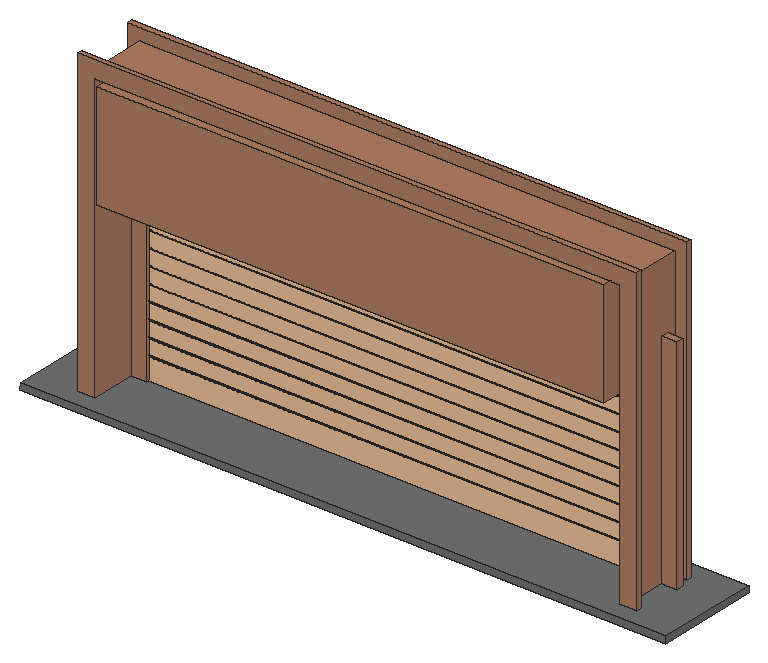
Revit family "665_Counter_Btw_Jambs_Mtd_Overhead_Door", category Doors, host Wall, Revit 2023
Family settings
  Host = Wall
  OmniClass Number = 23.30.10.17.27.11
  OmniClass Title = Overhead Coiling
  Always vertical = Yes
  Cut with Voids When Loaded = No
  Shared = No
  Room Calculation Point = No
Parameters (values of type "*See Type Catalog*")
  Right End Cap Thickness = 0' - 1"
  Product Page URL = ""
  Parameter 005 [instance] = ""
  Panel Height = 2' - 10 13/32"
  Operator Material = Wood - Red Oak
  Operation = "[Awning Crank Operator][Manual - Push Up]"
  Maximum Width = "12'  0"  # constant formula
  Maximum Height = "8'  0"  # constant formula
  Manual Operation = yes
  Left End Cap Thickness = 0' - 1"
  Hood Material = Wood - White Oak
  Has End Caps = yes
  Function = Interior
  Lock Type = "[Thumb Turn Locks] [Cylinder Locks]"
  Panel Width = Width - 0' 6 3/8"  # 6' - 4 5/8"
  Panel Material = Wood - White Oak
  Elevation From Level = 3' - 2 1/2"
  Electrical Operator = no
  Door Track Material = Wood - Red Oak
  Door Gap From Wall Interior = 0' - 7.05"
  URL = "http://www.overheaddoor.com/"
  Thickness = 0' - 0 1/2"
  Specification = "https://www.arcat.com/company/overhead-door-corporation-34626/spec"
  SpecWizard = "https://www.arcat.com/company/overhead-door-corporation-34626/sw"
  Rough Width = 0' - 0"
  Rough Height = 0' - 0"
  Product Data = "http://www.arcat.com/arcatcos/cos34/arc34626.html"
  Green Building-LEED = "https://www.arcat.com/company/overhead-door-corporation-34626/leed"
  Model = "665"
  Manufacturer = "Overhead Door Corporation"
  Keynote = "08 33 13"
  Height = Elevation From Level + Panel Height + 0' 10 23/32"  # 6' - 11 5/8"
  Wall Closure = By host
  Width = 6' - 11"
  Fire Rating = "As Specified in 08 36 00"
  Description = "Overhead Door Model 665 Overhead Coiling Wood Counter Door"
  Define Thermal Properties by = Schematic Type
  Copyright = "© 2024 ARCAT"  # constant formula
  Construction Details = "https://www.arcat.com/company/overhead-door-corporation-34626/cad"
  CAD Details = ""
  Bottom Bar = "Wood"
  Assembly Code = "B2030410"
  Analytic Construction = "<None>"
Reference planes (in)
  plane 1 "Center (Front/Back)": y = -18.9931
  plane 2 "Center (Left/Right)": x = 66
  plane 3: z = 0
  plane 4 "Door Face": y = -16.4431
  plane 5 "Right": x = 107.5
  plane 6 "Left": x = 24.5
  plane 7 "Closure": y = -23.4931
  plane 8: z = 0
  plane 9: y = -16.4431
  plane 10: y = -16.4431
  plane 11 "T.O. Opening": z = 83.625
  plane 12 "Countertop": z = 38.5
Forms (in)
  Extrusion 1, solid, material "Countertop"
    sketch origin (0, 0, 38.5) x (1, 0, 0) y (0, 1, 0)
      loop
        line (15.875, -26.9931) -> (116.125, -26.9931) -> (116.125, -10.9931) -> (15.875, -10.9931) -> (15.875, -26.9931)
    from -1 to 0
  Sweep 2, solid, material "Wood - Red Oak" <- "Operator Material"
    path in 3D
      loop
        line (24.5, -23.4931, 38.5) -> (24.5, -23.4931, 83.625) -> (107.5, -23.4931, 83.625) -> (107.5, -23.4931, 38.5)
    profile origin (66, -23.4931, 83.625) x (0, -1, 0) y (0, 0, -1)
      loop
        line (0, 0) -> (0, -1.90625) -> (0.71875, -1.90625) -> (0.71875, 0.71875) -> (-9.71875, 0.71875) -> (-9.71875, -1.90625) -> (-9, -1.90625) -> (-9, 0) -> (0, 0)
Lines and regions (in)
  Opening 1
    outline origin (-109.33485, -23.4931, 0) x (1, 0, 0) y (0, 0, 1)
      loop
        line (125.20985, 37.5) -> (225.45985, 37.5) -> (225.45985, 38.5) -> (216.83485, 38.5) -> (216.83485, 83.625) -> (133.83485, 83.625) -> (133.83485, 38.5) -> (125.20985, 38.5) -> (125.20985, 37.5)
  sketch lines
    curve 1: line (24.5, -23.4931, 83.625) -> (107.5, -23.4931, 83.625)
    curve 2: line (24.5, -23.4931, 38.5) -> (24.5, -23.4931, 83.625)
    curve 3: line (107.5, -23.4931, 83.625) -> (107.5, -23.4931, 38.5)
  symbolic lines, style "Hidden Projection"
    curve 4: line (26.6875, -15.5681, 0) -> (26.6875, -25.5681, 0)
    curve 5: line (26.6875, -25.5681, 0) -> (105.3125, -25.5681, 0)
    curve 6: line (105.3125, -25.5681, 0) -> (105.3125, -15.5681, 0)
Text (in)
  text "Exterior" at (50.54558, 27.31104, 0), in view "A101 - Plan View"
  text "Interior" at (50.54558, -25.14366, 0), in view "A101 - Plan View"
  text "Exterior" at (0, -9.40855, 123.01588), in view "Right"
  text "Interior" at (0, -64.39139, 123.01588), in view "Right"
  text "Interior" at (0, -52.09468, 121.14095), in view "Left"
  text "Exterior" at (0, 26.35325, 123.00693), in view "Left"
Dimensions and locks (in)
  "Door Gap From Wall Interior": host wall to plane 4 "Door Face"
  equal spacing: plane 5 "Right", plane 2 "Center (Left/Right)", plane 6 "Left"
  "Width": plane 6 "Left" to plane 5 "Right"
  "Height": level to plane 11 "T.O. Opening"
  "Elevation From Level": plane 12 "Countertop" to level
  locked: plane 12 "Countertop" to Opening 1 sketch curve at 1
  locked: Opening 1 sketch curve to plane 6 "Left" at 8.625
  locked: plane 5 "Right" to Opening 1 sketch curve at 8.625
  locked: Extrusion 1 to plane 7 "Closure" at 3.5
  locked: host wall to Extrusion 1 at 3.5
  locked: plane 11 "T.O. Opening" to nested 2 at 0.71875
  locked: plane 4 "Door Face" to nested 2 at 0.875
  locked: host wall to Sweep 2 sketch curve at 0.71875
  locked: Sweep 2 sketch curve to host wall at 0.71875
  locked: plane 11 "T.O. Opening" to Sweep 2 sketch curve at 0.71875
  aligned and locked: Opening 1 sketch curve to plane 5 "Right"
  aligned and locked: plane 1 "Center (Front/Back)" to host wall
  aligned and locked: plane 7 "Closure" to host wall
  aligned and locked: plane 4 "Door Face" to plane 9
  aligned and locked: plane 4 "Door Face" to plane 10
  aligned and locked: plane 11 "T.O. Opening" to Opening 1 sketch curve
  aligned and locked: plane 2 "Center (Left/Right)" to nested 1
  aligned and locked: Extrusion 1 to host wall  (x2)
  aligned and locked: host wall to Extrusion 1
  aligned and locked: nested 1 to plane 4 "Door Face"
  aligned and locked: Sweep 2 sketch curve to plane 11 "T.O. Opening"
  aligned and locked: host wall to Sweep 2 sketch curve  (x2)
Automatic sketch dimensions
  Opening 1 sketch curve to plane 6 "Left" = 0' - 0"
  Opening 1 sketch curve to plane 12 "Countertop" = 0' - 0"  (x2)
  plane 6 "Left" to Extrusion 1 sketch curve = 0' - 8 5/8"
  Extrusion 1 sketch curve to plane 5 "Right" = 0' - 8 5/8"
  plane 4 "Door Face" to Extrusion 1 sketch curve = 0' - 10.55"
  host wall to Extrusion 1 sketch curve = 0' - 3 1/2"
  Sweep 2 sketch curve to Sweep 2 sketch curve = 0' - 0"
  Sweep 2 sketch curve to profile plane = 0' - 1 29/32"
  curve 4 to plane 4 "Door Face" = 0' - 0 7/8"
  curve 6 to plane 4 "Door Face" = 0' - 0 7/8"
  curve 4 to plane 6 "Left" = 0' - 2 3/16"
  plane 5 "Right" to curve 6 = 0' - 2 3/16"
  host wall to curve 6 = 0' - 2.075"
Nested families (in)
  nested 1: "Panel-Rolling_Countertop_651" at (66, -16.4431, 38.5), type "ByType"
    with Width 6' - 4 5/8", Height 2' - 10 13/32"
  nested 2: "Rollup Case_Counter_6xx" at (21.46875, -15.5681, 66.53125), built-in parameter 1001360 <- "Panel Height", type "ByType"
    with Height 2' - 10 13/32", Chain CL 0' - 8 3/16", B 1' - 4 3/8", A 0' - 10"
Definition of nested family "Panel-Rolling_Countertop_651"
  Parameters
    Width = 9' - 0"
    Track Material = none
    Panel Material = none
    Height = 4' - 5 1/16"
    Default Elevation = 0' - 0"
    Assembly Code = ""
  Reference planes (in)
    plane 1 "Center (Front/Back)": y = 0
    plane 2: z = 0
    plane 3 "Center (Left/Right)": x = 0
  Forms (in)
    Extrusion 1, solid, material <- "Panel Material"
      sketch origin (0, 0, 0) x (0, 1, 0) y (0, 0, 1)
        loop
          line (0, 0) -> (0, 3.25927) -> (-0.24264, 3.50191) -> (0, 3.74454) -> (0, 5.75927) -> (-0.24264, 6.00191) -> (0, 6.24454) -> (0, 8.25927) -> (-0.24264, 8.50191) -> (0, 8.74454) -> (0, 10.75927) -> (-0.24264, 11.00191) -> (0, 11.24454) -> (0, 13.25927) -> (-0.24264, 13.50191) -> (0, 13.74454) -> (0, 15.75927) -> (-0.24264, 16.00191) -> (0, 16.24454) -> (0, 18.25927) -> (-0.24264, 18.50191) -> (0, 18.74454) -> (0, 20.75927) -> (-0.24264, 21.00191) -> (0, 21.24454) -> (0, 23.25927) -> (-0.24264, 23.50191) -> (0, 23.74454) -> (0, 25.75927) -> (-0.24264, 26.00191) -> (0, 26.24454) -> (0, 28.25928) -> (-0.24264, 28.50191) -> (0, 28.74455) -> (0, 30.75928) -> (-0.24264, 31.00191) -> (0, 31.24455) -> (0, 33.25928) -> (-0.24264, 33.50191) -> (0, 33.74455) -> (0, 35.75928) -> (-0.24264, 36.00191) -> (0, 36.24455) -> (0, 38.25928) -> (-0.24264, 38.50191) -> (0, 38.74455) -> (0, 40.75928) -> (-0.24264, 41.00191) -> (0, 41.24455) -> (0, 43.25928) -> (-0.24264, 43.50191) -> (0, 43.74455) -> (0, 45.75928) -> (-0.24264, 46.00191) -> (0, 46.24455) -> (0, 48.25928) -> (-0.24264, 48.50191) -> (0, 48.74455) -> (0, 50.75928) -> (-0.24264, 51.00191) -> (0, 51.24455) -> (0, 53.25928) -> (-0.24264, 53.50191) -> (0, 53.74455) -> (0, 55.75928) -> (-0.24264, 56.00191) -> (0, 56.24455) -> (0, 58.25928) -> (-0.24264, 58.50191) -> (0, 58.74455) -> (0, 60.75928) -> (-0.24264, 61.00191) -> (0, 61.24455) -> (0, 63.25928) -> (-0.24264, 63.50191) -> (0, 63.74455) -> (0, 65.75928) -> (-0.24264, 66.00191) -> (0, 66.24455) -> (0, 68.25928) -> (-0.24264, 68.50191) -> (0, 68.74455) -> (0, 70.75928) -> (-0.24264, 71.00191) -> (0, 71.24455) -> (0, 73.25928) -> (-0.24264, 73.50191) -> (0, 73.74455) -> (0, 75.75928) -> (-0.24264, 76.00191) -> (0, 76.24455) -> (0, 78.25928) -> (-0.24264, 78.50191) -> (0, 78.74455) -> (0, 80.75928) -> (-0.24264, 81.00191) -> (0, 81.24455) -> (0, 83.25928) -> (-0.24264, 83.50191) -> (0, 83.74455) -> (0, 85.75928) -> (-0.24264, 86.00191) -> (0, 86.24455) -> (0, 88.25928) -> (-0.24264, 88.50191) -> (0, 88.74455) -> (0, 90.75928) -> (-0.24264, 91.00191) -> (0, 91.24455) -> (0, 93.25928) -> (-0.24264, 93.50191) -> (0, 93.74455) -> (0, 95.75928) -> (-0.24264, 96.00191) -> (0, 96.24455) -> (0, 98.25928) -> (-0.24264, 98.50192) -> (0, 98.74455) -> (0, 100.75928) -> (-0.24264, 101.00192) -> (0, 101.24455) -> (0, 103.25928) -> (-0.24264, 103.50192) -> (0, 103.74455) -> (0, 105.75928) -> (-0.24264, 106.00192) -> (0, 106.24455) -> (0, 108.25928) -> (-0.24264, 108.50192) -> (0, 108.74455) -> (0, 110.75928) -> (-0.24264, 111.00192) -> (0, 111.24455) -> (0, 113.25928) -> (-0.24264, 113.50192) -> (0, 113.74455) -> (0, 115.75928) -> (-0.24264, 116.00192) -> (0, 116.24455) -> (0, 118.25928) -> (-0.24264, 118.50192) -> (0, 118.74455) -> (0, 120.75928) -> (-0.24264, 121.00192) -> (0, 121.24455) -> (0, 123.25928) -> (-0.24264, 123.50192) -> (0, 123.74455) -> (0, 125.75928) -> (-0.24264, 126.00192) -> (0, 126.24455) -> (0, 377.30354) -> (-0.43287, 377.30354) -> (-0.43287, 126.08525) -> (-0.34953, 126.00191) -> (-0.43287, 125.91857) -> (-0.43287, 123.58525) -> (-0.34953, 123.50191) -> (-0.43287, 123.41857) -> (-0.43287, 121.08525) -> (-0.34953, 121.00191) -> (-0.43287, 120.91857) -> (-0.43287, 118.58525) -> (-0.34953, 118.50191) -> (-0.43287, 118.41857) -> (-0.43287, 116.08525) -> (-0.34953, 116.00191) -> (-0.43287, 115.91857) -> (-0.43287, 113.58525) -> (-0.34953, 113.50191) -> (-0.43287, 113.41857) -> (-0.43287, 111.08525) -> (-0.34953, 111.00191) -> (-0.43287, 110.91857) -> (-0.43287, 108.58525) -> (-0.34953, 108.50191) -> (-0.43287, 108.41857) -> (-0.43287, 106.08525) -> (-0.34953, 106.00191) -> (-0.43287, 105.91857) -> (-0.43287, 103.58525) -> (-0.34953, 103.50191) -> (-0.43287, 103.41857) -> (-0.43287, 101.08525) -> (-0.34953, 101.00191) -> (-0.43287, 100.91857) -> (-0.43287, 98.58525) -> (-0.34953, 98.50191) -> (-0.43287, 98.41857) -> (-0.43287, 96.08525) -> (-0.34953, 96.00191) -> (-0.43287, 95.91857) -> (-0.43287, 93.58525) -> (-0.34953, 93.50191) -> (-0.43287, 93.41857) -> (-0.43287, 91.08525) -> (-0.34953, 91.00191) -> (-0.43287, 90.91857) -> (-0.43287, 88.58525) -> (-0.34953, 88.50191) -> (-0.43287, 88.41857) -> (-0.43287, 86.08525) -> (-0.34953, 86.00191) -> (-0.43287, 85.91857) -> (-0.43287, 83.58525) -> (-0.34953, 83.50191) -> (-0.43287, 83.41857) -> (-0.43287, 81.08525) -> (-0.34953, 81.00191) -> (-0.43287, 80.91857) -> (-0.43287, 78.58525) -> (-0.34953, 78.50191) -> (-0.43287, 78.41857) -> (-0.43287, 76.08525) -> (-0.34953, 76.00191) -> (-0.43287, 75.91857) -> (-0.43287, 73.58525) -> (-0.34953, 73.50191) -> (-0.43287, 73.41857) -> (-0.43287, 71.08525) -> (-0.34953, 71.00191) -> (-0.43287, 70.91857) -> (-0.43287, 68.58525) -> (-0.34953, 68.50191) -> (-0.43287, 68.41857) -> (-0.43287, 66.08525) -> (-0.34953, 66.00191) -> (-0.43287, 65.91857) -> (-0.43287, 63.58525) -> (-0.34953, 63.50191) -> (-0.43287, 63.41857) -> (-0.43287, 61.08525) -> (-0.34953, 61.00191) -> (-0.43287, 60.91857) -> (-0.43287, 58.58525) -> (-0.34953, 58.50191) -> (-0.43287, 58.41857) -> (-0.43287, 56.08525) -> (-0.34953, 56.00191) -> (-0.43287, 55.91857) -> (-0.43287, 53.58525) -> (-0.34953, 53.50191) -> (-0.43287, 53.41857) -> (-0.43287, 51.08525) -> (-0.34953, 51.00191) -> (-0.43287, 50.91857) -> (-0.43287, 48.58525) -> (-0.34953, 48.50191) -> (-0.43287, 48.41857) -> (-0.43287, 46.08525) -> (-0.34953, 46.00191) -> (-0.43287, 45.91857) -> (-0.43287, 43.58525) -> (-0.34953, 43.50191) -> (-0.43287, 43.41857) -> (-0.43287, 41.08525) -> (-0.34953, 41.00191) -> (-0.43287, 40.91857) -> (-0.43287, 38.58525) -> (-0.34953, 38.50191) -> (-0.43287, 38.41857) -> (-0.43287, 36.08525) -> (-0.34953, 36.00191) -> (-0.43287, 35.91857) -> (-0.43287, 33.58525) -> (-0.34953, 33.50191) -> (-0.43287, 33.41857) -> (-0.43287, 31.08525) -> (-0.34953, 31.00191) -> (-0.43287, 30.91857) -> (-0.43287, 28.58525) -> (-0.34953, 28.50191) -> (-0.43287, 28.41857) -> (-0.43287, 26.08525) -> (-0.34953, 26.00191) -> (-0.43287, 25.91857) -> (-0.43287, 23.58525) -> (-0.34953, 23.50191) -> (-0.43287, 23.41857) -> (-0.43287, 21.08525) -> (-0.34953, 21.00191) -> (-0.43287, 20.91857) -> (-0.43287, 18.58525) -> (-0.34953, 18.50191) -> (-0.43287, 18.41857) -> (-0.43287, 16.08525) -> (-0.34953, 16.00191) -> (-0.43287, 15.91857) -> (-0.43287, 13.58525) -> (-0.34953, 13.50191) -> (-0.43287, 13.41857) -> (-0.43287, 11.08525) -> (-0.34953, 11.00191) -> (-0.43287, 10.91857) -> (-0.43287, 8.58525) -> (-0.34953, 8.50191) -> (-0.43287, 8.41857) -> (-0.43287, 6.08525) -> (-0.34953, 6.00191) -> (-0.43287, 5.91857) -> (-0.43287, 3.58525) -> (-0.34953, 3.50191) -> (-0.43287, 3.41857) -> (-0.43287, 0) -> (0, 0)
      from -54 to 54
    Extrusion 2, void
      sketch origin (0, 0, 0) x (0, 1, 0) y (0, 0, 1)
        loop
          line (1.29995, 53.0625) -> (1.29995, 396) -> (-1.53826, 396) -> (-1.53826, 53.0625) -> (1.29995, 53.0625)
      from -54 to 54
    Extrusion 3, solid, material <- "Track Material"
      sketch origin (0, 0, 0) x (1, 0, 0) y (0, 1, 0)
        loop
          line (-54, 0.49213) -> (-59.625, 0.49213) -> (-59.625, -0.6875) -> (-54, -0.6875) -> (-54, 0.49213)
        loop
          line (54, 0.49213) -> (54, -0.6875) -> (59.625, -0.6875) -> (59.625, 0.49213) -> (54, 0.49213)
      from 0 to 53.0625 <- "Height"
  Cuts and joins
    Extrusion 2 cuts Extrusion 1
  Lines and regions (in)
    reference lines
      curve 1: line (0, 34.50735, 53.0625) -> (0, -50.49265, 53.0625)
      curve 2: line (0, 38.48524, 396) -> (0, -46.51476, 396)
      curve 3: line (-54, 0, 85.14784) -> (-54, 0, 147.14784)
      curve 4: line (54, 0, 85.14784) -> (54, 0, 147.14784)
  Dimensions and locks (in)
    "Height": curve 1 to level
    equal spacing: curve 4, plane 3 "Center (Left/Right)", curve 3
    "Width": curve 4 to curve 3
    level to curve 2 = 33' - 0"
    locked: Extrusion 3 sketch curve to Extrusion 3 sketch curve at 5.625  (x2)
    Extrusion 3 sketch curve to plane 1 "Center (Front/Back)" to Extrusion 3 sketch curve = 0' - 0 11/16" locked, 0' - 0.49213" locked
    aligned and locked: curve 1 to Extrusion 2 sketch curve
    aligned and locked: curve 2 to Extrusion 2 sketch curve
    aligned and locked: Extrusion 2 to curve 3
    aligned and locked: Extrusion 2 to curve 4
    aligned and locked: curve 3 to cut or joined group of Extrusion 1, Extrusion 2
    aligned and locked: cut or joined group of Extrusion 1, Extrusion 2 to curve 4
    aligned and locked: Extrusion 3 sketch curve to Extrusion 3 sketch curve  (x2)
    aligned and locked: Extrusion 3 to curve 3
    aligned and locked: curve 4 to Extrusion 3
  Automatic sketch dimensions
    plane 1 "Center (Front/Back)" to Extrusion 2 sketch curve = 0' - 1.53826"
    Extrusion 2 sketch curve to plane 1 "Center (Front/Back)" = 0' - 1.29995"
    level to curve 4 = 7' - 1.14784"
    level to curve 3 = 7' - 1.14784"
    curve 4 to curve 4 = 5' - 2"
    curve 3 to curve 3 = 5' - 2"
    Extrusion 3 sketch curve to plane 3 "Center (Left/Right)" = 4' - 11 5/8"
    plane 3 "Center (Left/Right)" to Extrusion 3 sketch curve = 4' - 6"
    plane 1 "Center (Front/Back)" to curve 1 = 4' - 2.49265"
    curve 1 to curve 2 = 0' - 3.97789"  (x2)
    curve 1 to plane 1 "Center (Front/Back)" = 2' - 10.50735"
    Extrusion 1 sketch curve to level = 0' - 0"
    Extrusion 1 sketch curve to plane 1 "Center (Front/Back)" = 0' - 0"  (x51)
    plane 1 "Center (Front/Back)" to Extrusion 1 sketch curve = 0' - 0.24264"  (x41)
    plane 1 "Center (Front/Back)" to Extrusion 1 sketch curve = 0' - 0.24263"  (x9)
    Extrusion 1 sketch curve to Extrusion 1 sketch curve = 0' - 0.10689"  (x50)
    Extrusion 1 sketch curve to Extrusion 1 sketch curve = 0' - 0.08334"  (x101)
    Extrusion 1 sketch curve to Extrusion 1 sketch curve = 0' - 3.25927"
    Extrusion 1 sketch curve to Extrusion 1 sketch curve = 0' - 0.15929"  (x50)
    Extrusion 1 sketch curve to Extrusion 1 sketch curve = 0' - 0"  (x48)
    Extrusion 1 sketch curve to Extrusion 1 sketch curve = 0' - 2.01473"  (x38)
    Extrusion 1 sketch curve to Extrusion 1 sketch curve = 0' - 2.17402"  (x11)
    Extrusion 1 sketch curve to Extrusion 1 sketch curve = 0' - 0.08333"  (x2)
    Extrusion 1 sketch curve to Extrusion 1 sketch curve = 20' - 11.05899"
Definition of nested family "Rollup Case_Counter_6xx"
  Parameters (values of type "ByType")
    Width = 6' - 4 5/8"
    Right End Cap Thickness = 0' - 1"
    Height = 10' - 0"
    Has End Caps = yes
    End Cap Material = none
    Left End Cap Thickness = 0' - 1"
    Electric Controlled = no
    Default Elevation = 0' - 0"
    Chain CL = B / 2  # 0' - 9 11/16"
    Case Material = none
    B = if(and(not(Width > 12' 0"), not(Height > 4' 6")), 1' 4 3/8", if(and(not(Width > 12' 0"), not(Height > 6' 4")), 1' 5 3/8", if(and(not(Width > 12' 0"), not(Height > 8' 4")), 1' 7 3/8", 1' 7 3/8")))  # 1' - 7 3/8"
    Assembly Code = ""
    A = if(and(not(Width > 12' 0"), not(Height > 4' 6")), 0' 10", if(and(not(Width > 12' 0"), not(Height > 6' 4")), 0' 11", if(and(not(Width > 12' 0"), not(Height > 8' 4")), 1' 1", 1' 1")))  # 1' - 1"
  Reference planes (in)
    plane 1 "Front": y = 0
    plane 2: z = 0
    plane 3 "Center (Left/Right)": x = 44.53125
    plane 4 "Top": z = 19.375
    plane 5: y = -13
    plane 6: x = 83.34375
    plane 7: x = 6.21875
    plane 8: x = 82.84375
    plane 9: x = 83.84375
    plane 10: y = -3.3125
    plane 11: z = -120
  Forms (in)
    Extrusion 1, solid, material <- "Case Material"
      sketch origin (44.53125, 0, 0) x (0, 1, 0) y (0, 0, 1)
        loop
          line (-13, 19.375) -> (-13, 0) -> (0, 0) -> (0, 19.375) -> (-13, 19.375)
      from -38.3125 to 38.3125
    Extrusion 2, solid, material <- "Case Material"
      sketch origin (0, 0, 0) x (1, 0, 0) y (0, 1, 0)
        loop
          line (82.84375, 0) -> (82.84375, -13) -> (83.84375, -13) -> (83.84375, 0) -> (82.84375, 0)
        loop
          line (6.21875, 0) -> (5.21875, 0) -> (5.21875, -13) -> (6.21875, -13) -> (6.21875, 0)
      from 0 to 19.375 <- "B"
  Cuts and joins
    joined: Extrusion 1, Extrusion 2
  Dimensions and locks (in)
    "B": plane 4 "Top" to level
    "A": plane 5 to plane 1 "Front"
    "Left End Cap Thickness": Extrusion 2 to Extrusion 1
    equal spacing: plane 7, plane 3 "Center (Left/Right)", plane 8
    "Width": plane 7 to plane 8
    equal spacing: plane 8, plane 6, plane 9
    "Right End Cap Thickness": plane 8 to plane 9
    "Chain CL": plane 5 to plane 10
    "Height": level to plane 11
    aligned and locked: Extrusion 2 to Extrusion 1  (x2)
    aligned and locked: Extrusion 1 to plane 7
    aligned and locked: Extrusion 1 to plane 8
    aligned and locked: Extrusion 2 to plane 9
    aligned and locked: Extrusion 2 to plane 4 "Top"
  Automatic sketch dimensions
    Extrusion 2 sketch curve to plane 1 "Front" = 0' - 0"  (x2)
    Extrusion 2 sketch curve to plane 5 = 0' - 0"  (x2)
    Extrusion 2 sketch curve to plane 3 "Center (Left/Right)" = 3' - 3 5/16"
    Extrusion 2 sketch curve to Extrusion 2 sketch curve = 0' - 1"  (x2)
    plane 3 "Center (Left/Right)" to Extrusion 2 sketch curve = 3' - 2 5/16"
    Extrusion 1 sketch curve to level = 0' - 0"
    Extrusion 1 sketch curve to plane 1 "Front" = 0' - 0"
    Extrusion 1 sketch curve to plane 4 "Top" = 0' - 0"
    Extrusion 1 sketch curve to plane 5 = 0' - 0"
